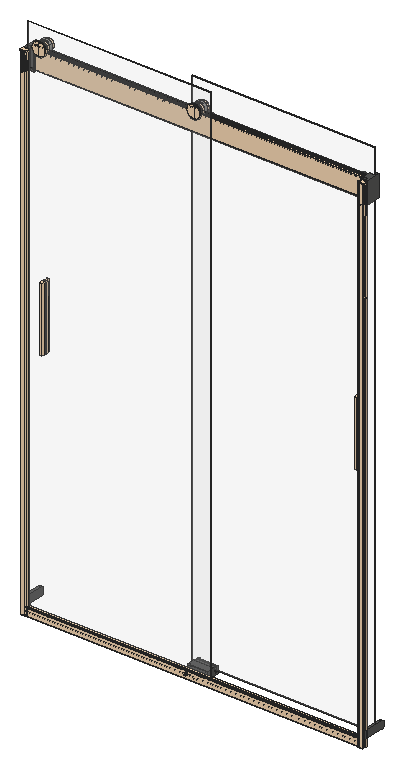
Revit family "Shower-Shower_Door-KOHLER-Levity-K-706010", category Specialty Equipment, host Face, Revit 2021
Family settings
  Host = Face
  Round Connector Dimension = Use Diameter
  Part Type = Normal
  OmniClass Number = 23.31.17.17
  OmniClass Title = Shower Enclosures
  Cut with Voids When Loaded = No
  Shared = No
  Room Calculation Point = No
Parameters (values of type "2MB-Vibrant Brushed Moderne Brass")
  Width [instance] = Walk Thru + 26 147/256"  # 47.63497"
  WaterSense Certified = 1 = 0  # no
  Walk Thru [instance] = 21.06075"
  URL = "https://www.us.kohler.com/us/"
  Type = 1
  Product Page URL = "https://www.us.kohler.com/us/catalog/productDetails.jsp?productId=706010-L"
  Product Name = "Levity\r\n"  # constant formula
  Product Documentation Link = "https://www.us.kohler.com/webassets/kpna/catalog/pdf/en/K-706010-L_spec_US-CA_Kohler_en.pdf"
  Model = if(Type = 1, "K-706010-L-2MB", if(Type = 2, "K-706010-L-ABV", if(Type = 3, "K-706010-L-ABZ", if(Type = 4, "K-706010-L-BL", if(Type = 5, "K-706010-L-NX", if(Type = 6, "K-706010-L-SHP", "NA"))))))  # "K-706010-L-2MB"
  Material = "Premium Metal Construction"  # constant formula
  Master Format 2014 Name = "Shower Doors"  # constant formula
  Master Format 2014 = "10 28 19.16"  # constant formula
  Manufacturer Address = "444 Highland Dr, Kohler, WI 53044"  # constant formula
  Manufacturer = "Kohler Co."  # constant formula
  Length = 3 63/128"  # constant formula
  Height = 73 145/256"  # constant formula
  Hardware Included [instance] = 1 = 1  # yes
  Finish = Kohler-Metal-2MB-Vibrant_Brushed_Moderne_Brass
  Environmental Product Declaration = ""
  Description = "Sliding Shower Door, 74 Inch H x 43-5/8  - 47-5/8 Inch W, With 1/4 Inch Thick Crystal Clear Glass And Blade Handles"  # constant formula
  Default Elevation = 4"
  Declare Label = ""
  Date Modified = "09/06/2022"  # constant formula
  Date Created = "09/06/2022"  # constant formula
  Copyright = "Copyright Kohler Co."  # constant formula
  Contact Us = "https://www.us.kohler.com/us/static/contact.jsp"
  Assembly Code = "C1030200"
  ADA Compliant = 1 = 0  # no
Reference planes (in)
  plane 1 "Center (Front/Back)": y = 0
  plane 2: z = 0
  plane 3 "Center (Left/Right)": x = 0
  plane 4: y = 1.74606
  plane 5: y = -1.74612
  plane 6: z = 73.56641
  plane 7: x = -23.576
  plane 8: x = 24.05897
  plane 9: x = 2.24039
  plane 10: x = 23.30114
  plane 11: x = 21.73997
  plane 12: x = 0.243
  plane 13: x = 0.23904
  plane 14: x = -1.76091
  plane 15: x = -21.257
  plane 16: x = -23.24125
  plane 17: x = 21.45585
  plane 18: z = 42.00787
  plane 19: z = 32.99213
  plane 20: z = 1.04089
  plane 21: z = 67.55313
  plane 22: z = 70.76057
  plane 23: z = 70.11218
Dimensions and locks (in)
  locked: plane 9 to plane 7 at 25.81639
  locked: plane 7 to plane 3 "Center (Left/Right)" at 23.576
  "Walk Thru": plane 10 to plane 9
  plane 10 to plane 8 = 97/128"
  "Width": plane 8 to plane 7
  locked: plane 11 to plane 8 at 2.319
  plane 14 to plane 13 to plane 11 = 1.99996" locked, 21.50092" locked
  locked: plane 17 to plane 11 at 0.28412
  plane 18 to plane 19 to level = 9.01575", 32.99213"
  "Height": plane 6 to level
  "Length": plane 5 to plane 4
  locked: plane 21 to plane 2 at 67.55313
  locked: plane 23 to plane 21 at 2.55906
  aligned and locked: plane 2 to host face
  aligned and locked: level to host face
  aligned and locked: plane 7 to nested 1
  aligned and locked: nested 1 to plane 8
  aligned and locked: nested 1 to plane 9
Automatic sketch dimensions
  host sketch curve to host sketch curve = 96"  (x2)
Nested families (in)
  nested 1: "K-706010" at (3.424, 0, 0), type "K-706010"
Definition of nested family "K-706010"
  Parameters (values of type "K-706010")
    Width = Walk Thru + 26.5748"  # 47.6378"
    Walk Thru = 21.06299"
    Material = none
    Default Elevation = 0"
  Reference planes (in)
    plane 1 "Center (Front/Back)": y = 0
    plane 2: z = 0
    plane 3 "Center (Left/Right)": x = 0
    plane 4: x = 20.6378
    plane 5: x = -27
    plane 6: y = -1.74606
    plane 7: y = 1.74606
    plane 8 "WT1": x = 19.87938
    plane 9 "WT2": x = -1.18361
    plane 10: z = 1.04089
    plane 11: x = 18.3188
    plane 12: x = 18.03468
    plane 13 "M": x = -3.18213
    plane 14: x = -24.681
    plane 15: x = -24.39704
    plane 16: x = -5.18208
    plane 17: x = -4.11996
    plane 18: x = -2.24421
    plane 19: z = 73.56537
    plane 20: z = 42.00787
    plane 21: x = -3.181
    plane 22 "Fixed": x = -3.424
    plane 23: x = 20.29681
    plane 24 "Fix": x = -4.79802
    plane 25: z = 32.99213
    plane 26: z = 70.93026
    plane 27: z = 70.76057
    plane 28: z = 68.62618
  Forms (in)
    Extrusion 1, solid
      sketch origin (0, 0, 0) x (1, 0, 0) y (0, 1, 0)
        loop
          line (20.26967, 0.95298) -> (-5.14807, 0.95298)
          arc (-5.14807, 0.95298) -> (-5.18208, 0.84148) -> (-5.14807, 0.72998) r 0.19978
          line (-5.14807, 0.72998) -> (20.26966, 0.72998)
          spline (20.26966, 0.72998) -> (20.27917, 0.74534) -> (20.2872, 0.76242) -> (20.29359, 0.78091) -> (20.29824, 0.80049) -> (20.30107, 0.8208) -> (20.30202, 0.84148) -> (20.30107, 0.86216) -> (20.29824, 0.88247) -> (20.29359, 0.90204) -> (20.2872, 0.92054) -> (20.27918, 0.93762) -> (20.26967, 0.95298)
      from 0.74948 to 73.56537
    Extrusion 2, solid
      sketch origin (0, 0, 0) x (1, 0, 0) y (0, 1, 0)
        loop
          line (-1.21673, -0.69887) -> (-26.64695, -0.69887)
          arc (-26.64695, -0.69887) -> (-26.66526, -0.81037) -> (-26.64695, -0.92187) r 0.34863
          line (-26.64695, -0.92187) -> (-1.21673, -0.92187)
          spline (-1.21673, -0.92187) -> (-1.207, -0.90657) -> (-1.19879, -0.88952) -> (-1.19224, -0.87103) -> (-1.18747, -0.85143) -> (-1.18458, -0.83109) -> (-1.18361, -0.81037) -> (-1.18458, -0.78965) -> (-1.18747, -0.76931) -> (-1.19224, -0.74972) -> (-1.19878, -0.73122) -> (-1.207, -0.71417) -> (-1.21673, -0.69887)
      from 0.74948 to 73.56537
    Extrusion 3, solid, material <- "Material", detail levels medium+fine
      sketch origin (0, 0, 0) x (-1, 0, 0) y (0, -1, 0)
        loop
          arc (-19.85329, 1.62703) -> (-19.88833, 1.71009) -> (-19.97228, 1.74295) r 0.11596
          line (-19.97228, 1.74295) -> (-20.57739, 1.72712) -> (-20.57739, 1.69617) -> (-20.45742, 1.67026) -> (-20.41287, 1.67143) -> (-20.28756, 1.68826) -> (-19.96651, 1.69664)
          arc (-19.96651, 1.69664) -> (-19.92544, 1.68057) -> (-19.90829, 1.63992) r 0.05674
          line (-19.90829, 1.63992) -> (-19.90829, 1.21054)
          arc (-19.90829, 1.21054) -> (-19.92495, 1.17106) -> (-19.96485, 1.15544) r 0.05512
          line (-19.96485, 1.15544) -> (-20.28756, 1.16387) -> (-20.41287, 1.1807) -> (-20.45742, 1.18186) -> (-20.56367, 1.15537) -> (-20.56367, 1.12464) -> (-19.96697, 1.10904)
          arc (-19.96697, 1.10904) -> (-19.88677, 1.14043) -> (-19.85329, 1.21978) r 0.11078
          line (-19.85329, 1.21978) -> (-19.85329, 1.62703)
      from 0.07489 to 70.22555
    Extrusion 4, solid
      sketch origin (0.09843, 0, 14.23466) x (-1, 0, 0) y (0, -1, 0)
        loop
          arc (-19.5496, 0.51672) -> (-19.55537, 0.53082) -> (-19.56937, 0.53684) r 0.02012
          line (-19.56937, 0.53684) -> (-20.1999, 0.54783)
          arc (-20.1999, 0.54783) -> (-20.2144, 0.55406) -> (-20.22037, 0.56866) r 0.02083
          line (-20.22037, 0.56866) -> (-20.22037, 1.04816)
          arc (-20.22037, 1.04816) -> (-20.22634, 1.06275) -> (-20.24082, 1.06898) r 0.02082
          line (-20.24082, 1.06898) -> (-20.51783, 1.07381)
          arc (-20.51783, 1.07381) -> (-20.53304, 1.06775) -> (-20.53937, 1.05265) r 0.02117
          line (-20.53937, 1.05265) -> (-20.53937, -0.97581) -> (-20.24243, -0.97063)
          arc (-20.24243, -0.97063) -> (-20.22681, -0.96392) -> (-20.22037, -0.94818) r 0.02246
          line (-20.22037, -0.94818) -> (-20.22037, -0.62063)
          arc (-20.22037, -0.62063) -> (-20.21429, -0.60578) -> (-20.19955, -0.59945) r 0.02119
          line (-20.19955, -0.59945) -> (-19.56957, -0.58847)
          arc (-19.56957, -0.58847) -> (-19.55543, -0.58239) -> (-19.5496, -0.56815) r 0.02032
          line (-19.5496, -0.56815) -> (-19.5496, 0.51672)
      from 53.08904 to 56.0869
    Extrusion 5, solid, material <- "Material", detail levels medium+fine
      sketch origin (0, 0, 14.23466) x (-1, 0, 0) y (0, -1, 0)
        loop
          line (-20.15981, 1.68606) -> (-20.29681, 1.68606) -> (-20.35981, 1.65506) -> (-20.42281, 1.68606) -> (-20.55981, 1.68606) -> (-20.62281, 1.65506) -> (-20.62281, 1.58987)
          arc (-20.62281, 1.58987) -> (-20.60281, 1.56987) -> (-20.58281, 1.58987) r 0.02
          line (-20.58281, 1.58987) -> (-20.58281, 1.63106) -> (-20.42281, 1.63106) -> (-20.42281, 1.22106) -> (-20.58281, 1.22106) -> (-20.58281, 1.26322)
          arc (-20.58281, 1.26322) -> (-20.60281, 1.28322) -> (-20.62281, 1.26322) r 0.02
          line (-20.62281, 1.26322) -> (-20.62281, 1.01606) -> (-20.55981, 1.01606) -> (-20.55981, 0.77919) -> (-20.62281, 0.77919) -> (-20.62281, 0.71919) -> (-20.55981, 0.71919) -> (-20.55981, -0.50181) -> (-20.62281, -0.50181) -> (-20.62281, -0.56181) -> (-20.55981, -0.56181) -> (-20.55981, -0.80481) -> (-20.62281, -0.80481) -> (-20.62281, -0.88981) -> (-20.47581, -0.88981) -> (-20.47581, 1.04606) -> (-20.50581, 1.07606) -> (-20.56281, 1.07606) -> (-20.56281, 1.16606) -> (-20.42281, 1.16606) -> (-20.35981, 1.19706) -> (-20.29681, 1.16606) -> (-20.15981, 1.16606) -> (-20.102, 1.19451)
          arc (-20.102, 1.19451) -> (-20.09454, 1.21024) -> (-20.10817, 1.22106) r 0.01399
          line (-20.10817, 1.22106) -> (-20.29681, 1.22106) -> (-20.29681, 1.63106) -> (-20.11192, 1.63106)
          arc (-20.11192, 1.63106) -> (-20.09744, 1.64256) -> (-20.10536, 1.65927) r 0.01487
          line (-20.10536, 1.65927) -> (-20.15981, 1.68606)
      from 53.36089 to 55.88689
    Extrusion 6, solid, material <- "Material", detail levels medium+fine
      sketch origin (0, 0, 14.23466) x (-1, 0, 0) y (0, -1, 0)
        loop
          arc (-20.60281, 1.30466) -> (-20.58906, 1.28573) -> (-20.56681, 1.29297) r 0.0199
          line (-20.56681, 1.29297) -> (-20.56681, 1.22506) -> (-20.44467, 1.22506)
          arc (-20.44467, 1.22506) -> (-20.42922, 1.23146) -> (-20.42281, 1.24692) r 0.02185
          line (-20.42281, 1.24692) -> (-20.42281, 1.60638)
          arc (-20.42281, 1.60638) -> (-20.42893, 1.62114) -> (-20.44368, 1.62725) r 0.02087
          line (-20.44368, 1.62725) -> (-20.56681, 1.62725) -> (-20.56681, 1.55638)
          arc (-20.56681, 1.55638) -> (-20.58906, 1.56362) -> (-20.60281, 1.54469) r 0.0199
          line (-20.60281, 1.54469) -> (-20.60281, 1.30466)
      from 51.88689 to 55.88689
    Extrusion 7, solid, material <- "Material", detail levels medium+fine
      sketch origin (0, 0, 0) x (-1, 0, 0) y (0, -1, 0)
        loop
          line (-20.55981, 1.16606) -> (-20.42281, 1.16606) -> (-20.35981, 1.19706) -> (-20.35981, 1.65506) -> (-20.42281, 1.68606) -> (-20.55981, 1.68606) -> (-20.61284, 1.65997)
          arc (-20.61284, 1.65997) -> (-20.62095, 1.64285) -> (-20.60611, 1.63106) r 0.01524
          line (-20.60611, 1.63106) -> (-20.42281, 1.63106) -> (-20.42281, 1.22106) -> (-20.60802, 1.22106)
          arc (-20.60802, 1.22106) -> (-20.62243, 1.20962) -> (-20.61455, 1.193) r 0.01479
          line (-20.61455, 1.193) -> (-20.55981, 1.16606)
      from 0.07489 to 55.88689
    Extrusion 8, solid, material <- "Material", detail levels medium+fine
      sketch origin (0, 0, 14.23466) x (-1, 0, 0) y (0, -1, 0)
        loop
          line (-19.84805, 1.21138) -> (-19.84805, 1.64144)
          arc (-19.84805, 1.64144) -> (-19.86265, 1.6919) -> (-19.90195, 1.72677) r 0.09449
          arc (-19.90195, 1.72677) -> (-19.94362, 1.74118) -> (-19.98743, 1.74606) r 0.19901
          line (-19.98743, 1.74606) -> (-20.6378, 1.74606) -> (-20.6378, 1.10606) -> (-19.98743, 1.10606)
          arc (-19.98743, 1.10606) -> (-19.94427, 1.1108) -> (-19.90316, 1.12479) r 0.19901
          arc (-19.90316, 1.12479) -> (-19.86299, 1.16006) -> (-19.84805, 1.21138) r 0.09559
      from 55.99089 to 56.07089
    Extrusion 9, solid
      sketch origin (20.6378, 52.13816, 48) x (0, 1, 0) y (0, 0, 1)
        loop
          line (-53.76172, -45.87087) -> (-53.76172, -46.94461) -> (-50.64303, -46.94461)
          arc (-50.64303, -46.94461) -> (-50.46643, -46.87152) -> (-50.39336, -46.69492) r 0.24952
          line (-50.39336, -46.69492) -> (-50.39336, -46.12056)
          arc (-50.39336, -46.12056) -> (-50.46643, -45.94396) -> (-50.64303, -45.87087) r 0.24952
          line (-50.64303, -45.87087) -> (-53.76172, -45.87087)
      from -0.34098 to 0
    Extrusion 10, solid, material <- "Material", detail levels medium+fine
      sketch origin (0, 0, 0) x (1, 0, 0) y (0, 1, 0)
        loop
          line (-26.21549, -1.62703) -> (-26.21549, -1.21978)
          arc (-26.21549, -1.21978) -> (-26.24897, -1.14043) -> (-26.32918, -1.10904) r 0.11078
          line (-26.32918, -1.10904) -> (-26.9251, -1.12464) -> (-26.9251, -1.15537) -> (-26.81886, -1.18186) -> (-26.7743, -1.1807) -> (-26.64899, -1.16387) -> (-26.32706, -1.15544)
          arc (-26.32706, -1.15544) -> (-26.28715, -1.17106) -> (-26.27049, -1.21054) r 0.05512
          line (-26.27049, -1.21054) -> (-26.27049, -1.63992)
          arc (-26.27049, -1.63992) -> (-26.28764, -1.68057) -> (-26.32872, -1.69664) r 0.05674
          line (-26.32872, -1.69664) -> (-26.64899, -1.68826) -> (-26.7743, -1.67143) -> (-26.81886, -1.67026) -> (-26.93883, -1.69617) -> (-26.93883, -1.72712) -> (-26.33449, -1.74295)
          arc (-26.33449, -1.74295) -> (-26.25054, -1.71009) -> (-26.21549, -1.62703) r 0.11596
      from 0.07489 to 70.22555
    Extrusion 11, solid
      sketch origin (0, 0, 14.23466) x (1, 0, 0) y (0, 1, 0)
        loop
          line (-25.99525, -0.51672) -> (-25.99525, 0.56815)
          arc (-25.99525, 0.56815) -> (-26.00108, 0.58239) -> (-26.01522, 0.58847) r 0.02032
          line (-26.01522, 0.58847) -> (-26.64444, 0.59945)
          arc (-26.64444, 0.59945) -> (-26.65918, 0.60578) -> (-26.66525, 0.62063) r 0.02119
          line (-26.66525, 0.62063) -> (-26.66525, 0.94818)
          arc (-26.66525, 0.94818) -> (-26.67169, 0.96392) -> (-26.68732, 0.97063) r 0.02246
          line (-26.68732, 0.97063) -> (-27, 0.97609) -> (-27, -1.05292)
          arc (-27, -1.05292) -> (-26.99367, -1.06802) -> (-26.97846, -1.07409) r 0.02117
          line (-26.97846, -1.07409) -> (-26.68571, -1.06898)
          arc (-26.68571, -1.06898) -> (-26.67122, -1.06275) -> (-26.66525, -1.04816) r 0.02082
          line (-26.66525, -1.04816) -> (-26.66525, -0.56866)
          arc (-26.66525, -0.56866) -> (-26.65928, -0.55406) -> (-26.64479, -0.54783) r 0.02083
          line (-26.64479, -0.54783) -> (-26.01502, -0.53684)
          arc (-26.01502, -0.53684) -> (-26.00102, -0.53082) -> (-25.99525, -0.51672) r 0.02012
      from 53.08904 to 56.0869
    Extrusion 12, solid, material <- "Material", detail levels medium+fine
      sketch origin (0, 0, 14.23466) x (1, 0, 0) y (0, 1, 0)
        loop
          line (-26.52125, -1.68606) -> (-26.46679, -1.65927)
          arc (-26.46679, -1.65927) -> (-26.45888, -1.64256) -> (-26.47336, -1.63106) r 0.01487
          line (-26.47336, -1.63106) -> (-26.65825, -1.63106) -> (-26.65825, -1.22106) -> (-26.46961, -1.22106)
          arc (-26.46961, -1.22106) -> (-26.45598, -1.21024) -> (-26.46343, -1.19451) r 0.01399
          line (-26.46343, -1.19451) -> (-26.52125, -1.16606) -> (-26.65825, -1.16606) -> (-26.72125, -1.19706) -> (-26.78425, -1.16606) -> (-26.92425, -1.16606) -> (-26.92425, -1.07606) -> (-26.86725, -1.07606) -> (-26.83725, -1.04606) -> (-26.83725, 0.88981) -> (-26.98425, 0.88981) -> (-26.98425, 0.80481) -> (-26.92125, 0.80481) -> (-26.92125, 0.56181) -> (-26.98425, 0.56181) -> (-26.98425, 0.50181) -> (-26.92125, 0.50181) -> (-26.92125, -0.71919) -> (-26.98425, -0.71919) -> (-26.98425, -0.77919) -> (-26.92125, -0.77919) -> (-26.92125, -1.01606) -> (-26.98425, -1.01606) -> (-26.98425, -1.26322)
          arc (-26.98425, -1.26322) -> (-26.96425, -1.28322) -> (-26.94425, -1.26322) r 0.02
          line (-26.94425, -1.26322) -> (-26.94425, -1.22106) -> (-26.78425, -1.22106) -> (-26.78425, -1.63106) -> (-26.94425, -1.63106) -> (-26.94425, -1.58987)
          arc (-26.94425, -1.58987) -> (-26.96425, -1.56987) -> (-26.98425, -1.58987) r 0.02
          line (-26.98425, -1.58987) -> (-26.98425, -1.65506) -> (-26.92125, -1.68606) -> (-26.78425, -1.68606) -> (-26.72125, -1.65506) -> (-26.65825, -1.68606) -> (-26.52125, -1.68606)
      from 53.36089 to 55.88689
    Extrusion 13, solid, material <- "Material", detail levels medium+fine
      sketch origin (0, 0, 14.23466) x (1, 0, 0) y (0, 1, 0)
        loop
          line (-26.96425, -1.30466) -> (-26.96425, -1.54469)
          arc (-26.96425, -1.54469) -> (-26.9505, -1.56362) -> (-26.92825, -1.55638) r 0.0199
          line (-26.92825, -1.55638) -> (-26.92825, -1.62725) -> (-26.80512, -1.62725)
          arc (-26.80512, -1.62725) -> (-26.79036, -1.62114) -> (-26.78425, -1.60638) r 0.02087
          line (-26.78425, -1.60638) -> (-26.78425, -1.24692)
          arc (-26.78425, -1.24692) -> (-26.79065, -1.23146) -> (-26.80611, -1.22506) r 0.02185
          line (-26.80611, -1.22506) -> (-26.92825, -1.22506) -> (-26.92825, -1.29297)
          arc (-26.92825, -1.29297) -> (-26.9505, -1.28573) -> (-26.96425, -1.30466) r 0.0199
      from 51.88689 to 55.88689
    Extrusion 14, solid, material <- "Material", detail levels medium+fine
      sketch origin (0, 0, 0) x (1, 0, 0) y (0, 1, 0)
        loop
          line (-26.92125, -1.16606) -> (-26.97599, -1.193)
          arc (-26.97599, -1.193) -> (-26.98387, -1.20962) -> (-26.96946, -1.22106) r 0.01479
          line (-26.96946, -1.22106) -> (-26.78425, -1.22106) -> (-26.78425, -1.63106) -> (-26.96755, -1.63106)
          arc (-26.96755, -1.63106) -> (-26.98239, -1.64285) -> (-26.97428, -1.65997) r 0.01524
          line (-26.97428, -1.65997) -> (-26.92125, -1.68606) -> (-26.78425, -1.68606) -> (-26.72125, -1.65506) -> (-26.72125, -1.19706) -> (-26.78425, -1.16606) -> (-26.92125, -1.16606)
      from 0.07489 to 55.88689
    Extrusion 15, solid, material <- "Material", detail levels medium+fine
      sketch origin (0, 0, 14.23466) x (1, 0, 0) y (0, 1, 0)
        loop
          arc (-26.21025, -1.21138) -> (-26.2252, -1.16006) -> (-26.26537, -1.12479) r 0.09559
          arc (-26.26537, -1.12479) -> (-26.30647, -1.1108) -> (-26.34964, -1.10606) r 0.19901
          line (-26.34964, -1.10606) -> (-27, -1.10606) -> (-27, -1.74606) -> (-26.34964, -1.74606)
          arc (-26.34964, -1.74606) -> (-26.30582, -1.74118) -> (-26.26415, -1.72677) r 0.19901
          arc (-26.26415, -1.72677) -> (-26.22486, -1.6919) -> (-26.21025, -1.64144) r 0.09449
          line (-26.21025, -1.64144) -> (-26.21025, -1.21138)
      from 55.99089 to 56.07089
    Extrusion 16, solid
      sketch origin (-27, 52.13816, 48) x (0, 1, 0) y (0, 0, -1)
        loop
          line (-53.76172, 45.87087) -> (-50.64303, 45.87087)
          arc (-50.64303, 45.87087) -> (-50.46643, 45.94396) -> (-50.39336, 46.12056) r 0.24952
          line (-50.39336, 46.12056) -> (-50.39336, 46.69492)
          arc (-50.39336, 46.69492) -> (-50.46643, 46.87152) -> (-50.64303, 46.94461) r 0.24952
          line (-50.64303, 46.94461) -> (-53.76172, 46.94461) -> (-53.76172, 45.87087)
      from -0.36 to 0
    Extrusion 17, solid, material <- "Material", detail levels medium+fine
      sketch origin (0, 0, 0) x (0, 1, 0) y (0, 0, 1)
        loop
          line (-1.63106, 0.99693) -> (-1.63106, 0.02064)
          arc (-1.63106, 0.02064) -> (-1.62502, 0.00604) -> (-1.61043, 0) r 0.02064
          line (-1.61043, 0) -> (-0.94006, 0) -> (-0.94006, 0.05028)
          arc (-0.94006, 0.05028) -> (-0.94727, 0.06768) -> (-0.96467, 0.07489) r 0.0246
          line (-0.96467, 0.07489) -> (-1.28763, 0.07489)
          arc (-1.28763, 0.07489) -> (-1.39329, 0.11865) -> (-1.43706, 0.22432) r 0.14943
          line (-1.43706, 0.22432) -> (-1.43706, 0.33347)
          arc (-1.43706, 0.33347) -> (-1.39635, 0.38221) -> (-1.34114, 0.35082) r 0.04953
          line (-1.34114, 0.35082) -> (-1.31727, 0.28699)
          arc (-1.31727, 0.28699) -> (-1.28514, 0.26819) -> (-1.26023, 0.29585) r 0.02947
          line (-1.26023, 0.29585) -> (-1.23123, 0.87748)
          arc (-1.23123, 0.87748) -> (-1.23719, 0.89272) -> (-1.25255, 0.89837) r 0.01995
          line (-1.25255, 0.89837) -> (-1.3771, 0.88967) -> (-1.41868, 0.9048)
          arc (-1.41868, 0.9048) -> (-1.44356, 0.94203) -> (-1.41553, 0.97696) r 0.03787
          line (-1.41553, 0.97696) -> (-1.3771, 0.98725) -> (-1.251, 0.97729)
          arc (-1.251, 0.97729) -> (-1.23553, 0.9832) -> (-1.23035, 0.99893) r 0.01928
          arc (-1.23035, 0.99893) -> (-1.24622, 1.0289) -> (-1.27794, 1.04089) r 0.04797
          line (-1.27794, 1.04089) -> (-1.58711, 1.04089)
          arc (-1.58711, 1.04089) -> (-1.61819, 1.02801) -> (-1.63106, 0.99693) r 0.04396
        loop
          line (-1.58106, 0.96929) -> (-1.58106, 0.14277) -> (-1.48706, 0.12279) -> (-1.48706, 0.33089)
          arc (-1.48706, 0.33089) -> (-1.43279, 0.41984) -> (-1.32887, 0.41227) r 0.10003
          arc (-1.32887, 0.41227) -> (-1.31279, 0.4109) -> (-1.30388, 0.42435) r 0.01581
          line (-1.30388, 0.42435) -> (-1.28314, 0.84038) -> (-1.40994, 0.8504)
          arc (-1.40994, 0.8504) -> (-1.47625, 0.88927) -> (-1.48681, 0.96541) r 0.08811
          arc (-1.48681, 0.96541) -> (-1.48958, 0.98287) -> (-1.50532, 0.99089) r 0.01947
          line (-1.50532, 0.99089) -> (-1.55947, 0.99089)
          arc (-1.55947, 0.99089) -> (-1.57474, 0.98456) -> (-1.58106, 0.96929) r 0.02159
      from -26.67955 to 20.29681
    Extrusion 18, solid, material <- "Material", detail levels medium+fine
      sketch origin (0, 0, 0) x (0, 1, 0) y (0, 0, 1)
        loop
          line (-1.26052, 0.91589) -> (-0.89206, 0.91589)
          arc (-0.89206, 0.91589) -> (-0.87206, 0.93588) -> (-0.89206, 0.95587) r 0.01999
          line (-0.89206, 0.95587) -> (-1.26052, 0.95587) -> (-1.25395, 0.98678)
          arc (-1.25395, 0.98678) -> (-1.26166, 0.99864) -> (-1.27352, 0.99093) r 0.01
          line (-1.27352, 0.99093) -> (-1.28097, 0.95587) -> (-1.33209, 0.95587) -> (-1.32563, 0.98624)
          arc (-1.32563, 0.98624) -> (-1.33333, 0.9981) -> (-1.34519, 0.9904) r 0.01
          line (-1.34519, 0.9904) -> (-1.35253, 0.95587)
          arc (-1.35253, 0.95587) -> (-1.37253, 0.93588) -> (-1.35253, 0.91589) r 0.01999
          line (-1.35253, 0.91589) -> (-1.34509, 0.88089)
          arc (-1.34509, 0.88089) -> (-1.33323, 0.87319) -> (-1.32553, 0.88505) r 0.01
          line (-1.32553, 0.88505) -> (-1.33209, 0.91589) -> (-1.28097, 0.91589) -> (-1.27351, 0.8808)
          arc (-1.27351, 0.8808) -> (-1.26165, 0.8731) -> (-1.25395, 0.88496) r 0.01
          line (-1.25395, 0.88496) -> (-1.26052, 0.91589)
      from -26.674 to 19.87938
    Extrusion 19, solid
      sketch origin (-3.424, 10.59331, 48) x (0, 1, 0) y (0, 0, 1)
        loop
          line (-9.23071, -48.00311) -> (-9.28526, -46.9623)
          arc (-9.28526, -46.9623) -> (-9.29351, -46.94441) -> (-9.3118, -46.93711) r 0.02658
          line (-9.3118, -46.93711) -> (-9.44195, -46.93711)
          arc (-9.44195, -46.93711) -> (-9.45632, -46.943) -> (-9.46246, -46.95727) r 0.02051
          line (-9.46246, -46.95727) -> (-9.47673, -47.77516)
          arc (-9.47673, -47.77516) -> (-9.50349, -47.83745) -> (-9.56624, -47.86311) r 0.08952
          line (-9.56624, -47.86311) -> (-9.75434, -47.86311)
          arc (-9.75434, -47.86311) -> (-9.81216, -47.84005) -> (-9.83822, -47.78352) r 0.08399
          line (-9.83822, -47.78352) -> (-9.88054, -46.97597)
          arc (-9.88054, -46.97597) -> (-9.88864, -46.95839) -> (-9.90662, -46.95122) r 0.02612
          line (-9.90662, -46.95122) -> (-10.98114, -46.95122)
          arc (-10.98114, -46.95122) -> (-10.99742, -46.95772) -> (-11.00476, -46.97363) r 0.02365
          line (-11.00476, -46.97363) -> (-11.04715, -47.7826)
          arc (-11.04715, -47.7826) -> (-11.07351, -47.83978) -> (-11.13199, -47.86311) r 0.08496
          line (-11.13199, -47.86311) -> (-11.32317, -47.86311)
          arc (-11.32317, -47.86311) -> (-11.38307, -47.83861) -> (-11.40862, -47.77915) r 0.08546
          line (-11.40862, -47.77915) -> (-11.41974, -47.14185)
          arc (-11.41974, -47.14185) -> (-11.42849, -47.1215) -> (-11.44898, -47.11311) r 0.02924
          line (-11.44898, -47.11311) -> (-11.79717, -47.11311)
          arc (-11.79717, -47.11311) -> (-11.81673, -47.12117) -> (-11.82495, -47.14065) r 0.02778
          line (-11.82495, -47.14065) -> (-11.82991, -47.70833)
          arc (-11.82991, -47.70833) -> (-11.85336, -47.73869) -> (-11.88892, -47.72429) r 0.03174
          line (-11.88892, -47.72429) -> (-11.9168, -47.67744)
          arc (-11.9168, -47.67744) -> (-11.95546, -47.66188) -> (-11.98071, -47.69502) r 0.03437
          line (-11.98071, -47.69502) -> (-11.98071, -47.72658)
          arc (-11.98071, -47.72658) -> (-11.94687, -47.80828) -> (-11.86518, -47.84211) r 0.11553
          line (-11.86518, -47.84211) -> (-11.54758, -47.84211)
          arc (-11.54758, -47.84211) -> (-11.52467, -47.8516) -> (-11.51518, -47.87452) r 0.0324
          line (-11.51518, -47.87452) -> (-11.51518, -47.90938)
          arc (-11.51518, -47.90938) -> (-11.50188, -47.94407) -> (-11.46881, -47.961) r 0.05192
          line (-11.46881, -47.961) -> (-11.07721, -48.00311) -> (-9.23071, -48.00311)
      from -1.37402 to 1.375
    Extrusion 20, solid, material <- "Material"
      sketch origin (0, 0, 16.49524) x (1, 0, 0) y (0, 1, 0)
        loop
          line (17.90239, 1.44298) -> (17.84731, 0.99439)
          arc (17.84731, 0.99439) -> (17.85195, 0.97942) -> (17.86625, 0.97298) r 0.01908
          line (17.86625, 0.97298) -> (18.20368, 0.97298)
          arc (18.20368, 0.97298) -> (18.21759, 0.97925) -> (18.22212, 0.99382) r 0.01857
          line (18.22212, 0.99382) -> (18.16652, 1.4466)
          arc (18.16652, 1.4466) -> (18.15661, 1.46544) -> (18.13671, 1.47298) r 0.03004
          line (18.13671, 1.47298) -> (17.9363, 1.47298)
          arc (17.9363, 1.47298) -> (17.91366, 1.4644) -> (17.90239, 1.44298) r 0.03417
      from 16.49689 to 25.51263
    Extrusion 21, solid, material <- "Material"
      sketch origin (0, 1.68307, 16.49524) x (1, 0, 0) y (0, 1, 0)
        loop
          arc (17.90239, -1.44298) -> (17.91366, -1.4644) -> (17.9363, -1.47298) r 0.03417
          line (17.9363, -1.47298) -> (18.13671, -1.47298)
          arc (18.13671, -1.47298) -> (18.15661, -1.46544) -> (18.16652, -1.4466) r 0.03004
          line (18.16652, -1.4466) -> (18.22212, -0.99382)
          arc (18.22212, -0.99382) -> (18.21759, -0.97925) -> (18.20368, -0.97298) r 0.01857
          line (18.20368, -0.97298) -> (17.86625, -0.97298)
          arc (17.86625, -0.97298) -> (17.85195, -0.97942) -> (17.84731, -0.99439) r 0.01908
          line (17.84731, -0.99439) -> (17.90239, -1.44298)
      from 16.49689 to 25.51263
    Extrusion 22, solid, material <- "Material"
      sketch origin (-0.25154, 0, 16.49524) x (1, 0, 0) y (0, 1, 0)
        loop
          line (-24.27962, -0.20887) -> (-24.3347, -0.65746)
          arc (-24.3347, -0.65746) -> (-24.33005, -0.67243) -> (-24.31575, -0.67887) r 0.01908
          line (-24.31575, -0.67887) -> (-23.97832, -0.67887)
          arc (-23.97832, -0.67887) -> (-23.96441, -0.6726) -> (-23.95988, -0.65803) r 0.01857
          line (-23.95988, -0.65803) -> (-24.01548, -0.20525)
          arc (-24.01548, -0.20525) -> (-24.02539, -0.18641) -> (-24.04529, -0.17887) r 0.03004
          line (-24.04529, -0.17887) -> (-24.2457, -0.17887)
          arc (-24.2457, -0.17887) -> (-24.26834, -0.18745) -> (-24.27962, -0.20887) r 0.03417
      from 16.49689 to 25.51263
    Extrusion 23, solid, material <- "Material"
      sketch origin (0, -1.62345, 16.49524) x (1, 0, 0) y (0, 1, 0)
        loop
          arc (-24.52962, 0.21158) -> (-24.51834, 0.19016) -> (-24.4957, 0.18158) r 0.03417
          line (-24.4957, 0.18158) -> (-24.29529, 0.18158)
          arc (-24.29529, 0.18158) -> (-24.27539, 0.18912) -> (-24.26548, 0.20796) r 0.03004
          line (-24.26548, 0.20796) -> (-24.20988, 0.66075)
          arc (-24.20988, 0.66075) -> (-24.21441, 0.67532) -> (-24.22832, 0.68158) r 0.01857
          line (-24.22832, 0.68158) -> (-24.56575, 0.68158)
          arc (-24.56575, 0.68158) -> (-24.58005, 0.67514) -> (-24.5847, 0.66017) r 0.01908
          line (-24.5847, 0.66017) -> (-24.52962, 0.21158)
      from 16.49689 to 25.51263
    Extrusion 24, solid, material <- "Material"
      sketch origin (-0.25154, 0, 16.49524) x (1, 0, 0) y (0, 1, 0)
        loop
          line (-24.33454, -0.94187) -> (-23.95954, -0.94187) -> (-23.95954, -0.91113) -> (-24.33454, -0.91113) -> (-24.33454, -0.94187)
        loop
          line (-24.33454, -0.67887) -> (-24.33454, -0.70961) -> (-23.95954, -0.70961) -> (-23.95954, -0.67887) -> (-24.33454, -0.67887)
      from 16.49689 to 25.51263
    Extrusion 25, solid, material <- "Material"
      sketch origin (0, 0, 16.49524) x (1, 0, 0) y (0, 1, 0)
        loop
          line (17.84747, 0.70998) -> (18.22246, 0.70998) -> (18.22246, 0.74072) -> (17.84747, 0.74072) -> (17.84747, 0.70998)
        loop
          line (17.84747, 0.97298) -> (17.84747, 0.94224) -> (18.22246, 0.94224) -> (18.22246, 0.97298) -> (17.84747, 0.97298)
      from 16.49689 to 25.51263
    Extrusion 26, solid, material <- "Material", detail levels medium+fine
      sketch origin (0, 0, 14.23466) x (0, 1, 0) y (0, 0, 1)
        loop
          line (0.48481, 55.19294) -> (0.48481, 55.84281)
          arc (0.48481, 55.84281) -> (0.47864, 55.85771) -> (0.46374, 55.86389) r 0.02107
          line (0.46374, 55.86389) -> (0.28787, 55.86389)
          arc (0.28787, 55.86389) -> (0.27369, 55.85801) -> (0.26781, 55.84383) r 0.02005
          line (0.26781, 55.84383) -> (0.26781, 55.78697)
          arc (0.26781, 55.78697) -> (0.27468, 55.77138) -> (0.29081, 55.7659) r 0.02116
          line (0.29081, 55.7659) -> (0.39043, 55.77461)
          arc (0.39043, 55.77461) -> (0.41385, 55.76666) -> (0.42381, 55.74403) r 0.0307
          line (0.42381, 55.74403) -> (0.42381, 55.47689) -> (0.06173, 55.47689)
          arc (0.06173, 55.47689) -> (0.04788, 55.48347) -> (0.04425, 55.49837) r 0.01785
          arc (0.04425, 55.49837) -> (0.03149, 55.55074) -> (-0.01719, 55.57389) r 0.06275
          line (-0.01719, 55.57389) -> (-0.13154, 55.57389) -> (-0.13154, 55.61127)
          arc (-0.13154, 55.61127) -> (-0.12564, 55.63151) -> (-0.1098, 55.64541) r 0.03767
          line (-0.1098, 55.64541) -> (0.01781, 55.70494) -> (0.01781, 55.75037)
          arc (0.01781, 55.75037) -> (0.00975, 55.76507) -> (-0.00698, 55.76616) r 0.01742
          line (-0.00698, 55.76616) -> (-0.18519, 55.68289) -> (-0.37008, 55.76893)
          arc (-0.37008, 55.76893) -> (-0.38255, 55.77984) -> (-0.38719, 55.79575) r 0.02959
          line (-0.38719, 55.79575) -> (-0.38719, 55.86389) -> (-0.45319, 55.86389) -> (-0.45319, 53.34094)
          arc (-0.45319, 53.34094) -> (-0.44644, 53.32464) -> (-0.43013, 53.31789) r 0.02305
          line (-0.43013, 53.31789) -> (0.4584, 53.31789)
          arc (0.4584, 53.31789) -> (0.47708, 53.32562) -> (0.48481, 53.3443) r 0.02642
          line (0.48481, 53.3443) -> (0.48481, 53.63896)
          arc (0.48481, 53.63896) -> (0.47321, 53.68028) -> (0.44181, 53.70953) r 0.0794
          arc (0.44181, 53.70953) -> (0.42637, 53.70898) -> (0.41881, 53.69551) r 0.01577
          line (0.41881, 53.69551) -> (0.41881, 53.66146)
          arc (0.41881, 53.66146) -> (0.41425, 53.64579) -> (0.40198, 53.63502) r 0.02919
          line (0.40198, 53.63502) -> (0.21681, 53.5485) -> (0.03914, 53.63118)
          arc (0.03914, 53.63118) -> (0.0234, 53.63014) -> (0.01581, 53.6163) r 0.0164
          line (0.01581, 53.6163) -> (0.01581, 53.56924) -> (0.18381, 53.49106) -> (0.18381, 53.41789) -> (-0.08762, 53.41789)
          arc (-0.08762, 53.41789) -> (-0.13257, 53.4365) -> (-0.15119, 53.48145) r 0.06357
          line (-0.15119, 53.48145) -> (-0.15119, 55.47389) -> (-0.05419, 55.47389) -> (-0.05419, 55.39755)
          arc (-0.05419, 55.39755) -> (-0.04814, 55.38294) -> (-0.03352, 55.37689) r 0.02066
          line (-0.03352, 55.37689) -> (0.41417, 55.37689)
          arc (0.41417, 55.37689) -> (0.42877, 55.37084) -> (0.43481, 55.35624) r 0.02064
          line (0.43481, 55.35624) -> (0.43481, 55.19294) -> (0.48481, 55.19294)
        loop
          arc (-0.34982, 55.67126) -> (-0.36559, 55.67022) -> (-0.37319, 55.65636) r 0.01643
          line (-0.37319, 55.65636) -> (-0.37319, 53.41784)
          arc (-0.37319, 53.41784) -> (-0.36734, 53.40373) -> (-0.35323, 53.39789) r 0.01996
          line (-0.35323, 53.39789) -> (-0.25172, 53.39789)
          arc (-0.25172, 53.39789) -> (-0.2372, 53.4039) -> (-0.23119, 53.41842) r 0.02054
          line (-0.23119, 53.41842) -> (-0.23119, 55.59798)
          arc (-0.23119, 55.59798) -> (-0.23563, 55.61322) -> (-0.24758, 55.62368) r 0.02835
          line (-0.24758, 55.62368) -> (-0.34982, 55.67126)
      from -26.674 to 20.29681
    Revolve 27, solid, material <- "Material"
      sketch origin (18.3188, 1.45298, 48) x (0, 1, 0) y (0, 0, 1)
        loop
          line (-0.207, 21.52333) -> (-0.207, 21.28943) -> (-0.5, 21.28566) -> (-0.5, 20.62618) -> (0, 20.62618) -> (0, 21.52333) -> (-0.04068, 21.56402) -> (-0.16632, 21.56402) -> (-0.207, 21.52333)
        axis (-0.5, 20.62618) -> (0, 20.62618)
      angle from 0 to 360
    Revolve 28, solid
      sketch origin (18.3188, 1.45298, 48) x (0, 1, 0) y (0, 0, 1)
        loop
          line (-1.04651, 20.62618) -> (-1.04651, 21.37151)
          arc (-1.04651, 21.37151) -> (-1.23522, 21.43933) -> (-1.42393, 21.37151) r 0.29645
          line (-1.42393, 21.37151) -> (-1.42393, 20.62618) -> (-1.04651, 20.62618)
        axis (-1.04651, 20.62618) -> (-1.42393, 20.62618)
      angle from 0 to 360
    Revolve 29, solid
      sketch origin (18.3188, 1.45298, 48) x (0, 1, 0) y (0, 0, 1)
        loop
          line (-0.923, 21.17655) -> (-1.11972, 21.16951) -> (-1.11972, 20.62618) -> (-0.923, 20.62618) -> (-0.923, 21.17655)
        axis (-0.923, 20.62618) -> (-1.11972, 20.62618)
      angle from 0 to 360
    Revolve 30, solid, material <- "Material"
      sketch origin (-3.18213, 1.45298, 48) x (0, 1, 0) y (0, 0, 1)
        loop
          line (-0.207, 21.52333) -> (-0.207, 21.28943) -> (-0.5, 21.28566) -> (-0.5, 20.62618) -> (0, 20.62618) -> (0, 21.52333) -> (-0.04068, 21.56402) -> (-0.16632, 21.56402) -> (-0.207, 21.52333)
        axis (-0.5, 20.62618) -> (0, 20.62618)
      angle from 0 to 360
    Revolve 31, solid
      sketch origin (-3.18213, 1.45298, 48) x (0, 1, 0) y (0, 0, 1)
        loop
          line (-1.04651, 20.62618) -> (-1.04651, 21.37151)
          arc (-1.04651, 21.37151) -> (-1.23522, 21.43933) -> (-1.42393, 21.37151) r 0.29645
          line (-1.42393, 21.37151) -> (-1.42393, 20.62618) -> (-1.04651, 20.62618)
        axis (-1.04651, 20.62618) -> (-1.42393, 20.62618)
      angle from 0 to 360
    Revolve 32, solid
      sketch origin (-3.18213, 1.45298, 48) x (0, 1, 0) y (0, 0, 1)
        loop
          line (-0.923, 21.17655) -> (-1.11972, 21.16951) -> (-1.11972, 20.62618) -> (-0.923, 20.62618) -> (-0.923, 21.17655)
        axis (-0.923, 20.62618) -> (-1.11972, 20.62618)
      angle from 0 to 360
    Revolve 33, solid, material <- "Material"
      sketch origin (-24.681, -1.42187, 48) x (0, -1, 0) y (0, 0, 1)
        loop
          line (-1.74767, 23.61268) -> (-1.74767, 22.93026) -> (-1.40177, 22.93026) -> (-1.40177, 23.00538) -> (-1.44067, 23.00538) -> (-1.44067, 23.65526) -> (-1.6856, 23.65526)
          arc (-1.6856, 23.65526) -> (-1.7036, 23.65168) -> (-1.71887, 23.64148) r 0.04705
          line (-1.71887, 23.64148) -> (-1.74767, 23.61268)
        axis (-1.40177, 22.93026) -> (-1.74767, 22.93026)
      angle from 0 to 360
    Revolve 34, solid
      sketch origin (-24.681, -1.42187, 62.23466) x (0, -1, 0) y (0, 0, 1)
        loop
          line (-1.42393, 8.6956) -> (-1.04876, 8.6956) -> (-1.04876, 9.44092)
          arc (-1.04876, 9.44092) -> (-1.23634, 9.50845) -> (-1.42393, 9.44092) r 0.29431
          line (-1.42393, 9.44092) -> (-1.42393, 8.6956)
        axis (-1.04876, 8.6956) -> (-1.42393, 8.6956)
      angle from 0 to 360
    Revolve 35, solid
      sketch origin (-24.681, -1.42187, 62.23466) x (0, -1, 0) y (0, 0, 1)
        loop
          line (-0.923, 9.24377) -> (-1.06891, 9.24134) -> (-1.06891, 8.6956) -> (-0.923, 8.6956) -> (-0.923, 9.24377)
        axis (-0.923, 8.6956) -> (-1.06891, 8.6956)
      angle from 0 to 360
    Revolve 36, solid, material <- "Material"
      sketch origin (-24.681, -1.42187, 62.23466) x (0, -1, 0) y (0, 0, 1)
        loop
          line (-0.207, 9.59274) -> (-0.207, 9.3556) -> (-0.5, 9.3556) -> (-0.5, 8.6956) -> (0, 8.6956) -> (0, 9.59274) -> (-0.04025, 9.63299) -> (-0.16675, 9.63299) -> (-0.207, 9.59274)
        axis (-0.5, 8.6956) -> (0, 8.6956)
      angle from 0 to 360
    Revolve 37, solid, material <- "Material"
      sketch origin (-3.181, 8.92621, 48) x (0, 1, 0) y (0, 0, 1)
        loop
          line (-8.60042, 23.44299) -> (-8.62922, 23.47179)
          arc (-8.62922, 23.47179) -> (-8.64448, 23.48199) -> (-8.66249, 23.48557) r 0.04705
          line (-8.66249, 23.48557) -> (-8.90742, 23.48557) -> (-8.90742, 22.83569) -> (-8.94631, 22.83569) -> (-8.94631, 22.76057) -> (-8.60042, 22.76057) -> (-8.60042, 23.44299)
        axis (-8.94631, 22.76057) -> (-8.60042, 22.76057)
      angle from 0 to 360
    Revolve 38, solid
      sketch origin (-3.181, 8.92621, 48) x (0, 1, 0) y (0, 0, 1)
        loop
          line (-8.92416, 22.76057) -> (-8.92416, 23.5059)
          arc (-8.92416, 23.5059) -> (-9.11174, 23.57343) -> (-9.29933, 23.5059) r 0.29431
          line (-9.29933, 23.5059) -> (-9.29933, 22.76057) -> (-8.92416, 22.76057)
        axis (-9.29933, 22.76057) -> (-8.92416, 22.76057)
      angle from 0 to 360
    Revolve 39, solid
      sketch origin (-3.181, 8.92621, 48) x (0, 1, 0) y (0, 0, 1)
        loop
          line (-9.42509, 23.30875) -> (-9.42509, 22.76057) -> (-9.27918, 22.76057) -> (-9.27918, 23.30632) -> (-9.42509, 23.30875)
        axis (-9.42509, 22.76057) -> (-9.27918, 22.76057)
      angle from 0 to 360
    Revolve 40, solid, material <- "Material"
      sketch origin (-3.181, 8.92621, 48) x (0, 1, 0) y (0, 0, 1)
        loop
          line (-10.14109, 23.65772) -> (-10.18133, 23.69797) -> (-10.30784, 23.69797) -> (-10.34809, 23.65772) -> (-10.34809, 22.76057) -> (-9.84809, 22.76057) -> (-9.84809, 23.42057) -> (-10.14109, 23.42057) -> (-10.14109, 23.65772)
        axis (-9.84809, 22.76057) -> (-10.34809, 22.76057)
      angle from 0 to 360
    Extrusion 41, solid, material <- "Material", detail levels coarse
      sketch origin (0, 0, 0) x (1, 0, 0) y (0, 1, 0)
        loop
          line (-27, -1.10606) -> (-27, -1.74606) -> (-26.17788, -1.74606) -> (-26.17788, -1.10606) -> (-27, -1.10606)
      from 0 to 70.32156
    Revolve 42, solid, material <- "Material"
      sketch origin (-24.681, -1.42187, 62.23466) x (0, -1, 0) y (0, 0, 1)
        loop
          line (-0.923, 9.40885) -> (-0.923, 8.6956) -> (-0.72617, 8.6956) -> (-0.72617, 9.41136) -> (-0.923, 9.40885)
        axis (-0.72617, 8.6956) -> (-0.923, 8.6956)
      angle from 0 to 360
    Revolve 43, solid, material <- "Material"
      sketch origin (-3.181, 8.92621, 48) x (0, 1, 0) y (0, 0, 1)
        loop
          line (-9.42509, 23.47383) -> (-9.62192, 23.47634) -> (-9.62192, 22.76057) -> (-9.42509, 22.76057) -> (-9.42509, 23.47383)
        axis (-9.62192, 22.76057) -> (-9.42509, 22.76057)
      angle from 0 to 360
    Revolve 44, solid, material <- "Material"
      sketch origin (-3.18213, 1.45298, 48) x (0, 1, 0) y (0, 0, 1)
        loop
          line (-0.923, 21.33944) -> (-0.923, 20.62618) -> (-0.72788, 20.62618) -> (-0.72788, 21.34141) -> (-0.923, 21.33944)
        axis (-0.72788, 20.62618) -> (-0.923, 20.62618)
      angle from 0 to 360
    Revolve 45, solid, material <- "Material"
      sketch origin (18.3188, 1.45298, 48) x (0, 1, 0) y (0, 0, 1)
        loop
          line (-0.923, 21.33944) -> (-0.923, 20.62618) -> (-0.72788, 20.62618) -> (-0.72788, 21.34141) -> (-0.923, 21.33944)
        axis (-0.72788, 20.62618) -> (-0.923, 20.62618)
      angle from 0 to 360
    Extrusion 46, solid, material <- "Material", detail levels coarse
      sketch origin (0, 0, 14.23466) x (0, 1, 0) y (0, 0, 1)
        loop
          line (0.48481, 55.19294) -> (0.48481, 55.84281)
          arc (0.48481, 55.84281) -> (0.47864, 55.85771) -> (0.46374, 55.86389) r 0.02107
          line (0.46374, 55.86389) -> (0.20217, 55.86389) -> (-0.18519, 55.68289) -> (-0.38719, 55.77689) -> (-0.38719, 55.86389) -> (-0.47779, 55.86389) -> (-0.47779, 53.31789) -> (0.4584, 53.31789)
          arc (0.4584, 53.31789) -> (0.47708, 53.32562) -> (0.48481, 53.3443) r 0.02642
          line (0.48481, 53.3443) -> (0.48481, 53.67373) -> (0.21681, 53.5485) -> (0.00351, 53.64776) -> (0.00351, 53.41789) -> (-0.15119, 53.41789) -> (-0.15119, 55.19294) -> (0.48481, 55.19294)
      from -26.674 to 20.29681
    Extrusion 47, solid, material <- "Material", detail levels coarse
      sketch origin (0, 0, 0) x (0, 1, 0) y (0, 0, 1)
        loop
          line (-1.63106, 1.04089) -> (-1.63106, 0) -> (-0.94006, 0) -> (-0.94006, 0.07489) -> (-1.22309, 0.07489) -> (-1.22309, 1.04089) -> (-1.63106, 1.04089)
      from -26.67955 to 20.29681
    Extrusion 48, solid, material <- "Material", detail levels coarse
      sketch origin (-0.00085, 0, 0) x (-1, 0, 0) y (0, -1, 0)
        loop
          line (-19.84099, 1.74638) -> (-20.63865, 1.74638) -> (-20.63865, 1.10575) -> (-19.84099, 1.10575) -> (-19.84099, 1.74638)
      from 0 to 70.32156
  Lines and regions (in)
    Masking region 1
      outline origin (0, 0, 0) x (1, 0, 0) y (0, 1, 0)
        loop
          line (19.03205, 0.52998) -> (19.03474, 0.72998) -> (20.26966, 0.72998)
          spline (20.26966, 0.72998) -> (20.27939, 0.74528) -> (20.28761, 0.76233) -> (20.29415, 0.78082) -> (20.29892, 0.80042) -> (20.30181, 0.82076) -> (20.30278, 0.84148) -> (20.30181, 0.8622) -> (20.29892, 0.88254) -> (20.29415, 0.90213) -> (20.28761, 0.92063) -> (20.27939, 0.93768) -> (20.26967, 0.95298)
          line (20.26967, 0.95298) -> (18.97843, 0.95298) -> (18.98204, 1.24598) -> (19.21594, 1.24598) -> (19.2566, 1.28663) -> (19.2566, 1.41233) -> (19.21594, 1.45298) -> (18.16502, 1.45298)
          arc (18.16502, 1.45298) -> (18.15404, 1.46748) -> (18.13671, 1.47298) r 0.03004
          line (18.13671, 1.47298) -> (17.9363, 1.47298)
          arc (17.9363, 1.47298) -> (17.91781, 1.46755) -> (17.90521, 1.45298) r 0.03417
          line (17.90521, 1.45298) -> (17.42165, 1.45298) -> (17.381, 1.41233) -> (17.381, 1.28663) -> (17.42165, 1.24598) -> (17.65555, 1.24598) -> (17.65916, 0.95298) -> (-2.52265, 0.95298) -> (-2.51888, 1.24598) -> (-2.28498, 1.24598) -> (-2.24421, 1.28675) -> (-2.24421, 1.41231) -> (-2.28488, 1.45298) -> (-4.07938, 1.45298) -> (-4.12005, 1.41231) -> (-4.12005, 1.28675) -> (-4.07928, 1.24598) -> (-3.84537, 1.24598) -> (-3.8416, 0.95298) -> (-5.14807, 0.95298)
          arc (-5.14807, 0.95298) -> (-5.18208, 0.84148) -> (-5.14807, 0.72998) r 0.19978
          line (-5.14807, 0.72998) -> (-3.89538, 0.72998) -> (-3.89538, 0.52998) -> (-3.73249, 0.52998) -> (-3.73093, 0.48481) -> (-2.63332, 0.48481) -> (-2.63176, 0.52998) -> (-2.46887, 0.52998) -> (-2.46887, 0.72998) -> (17.60285, 0.72998) -> (17.60554, 0.52998) -> (17.76889, 0.52998) -> (17.77002, 0.48481) -> (18.86757, 0.48481) -> (18.8687, 0.52998) -> (19.03205, 0.52998)
    Masking region 2
      outline origin (0, 0, 0) x (1, 0, 0) y (0, 0, 1)
        loop
          line (-26.66503, 73.56537) -> (-26.66503, 70.32156) -> (-27, 70.32156) -> (-27, 0.07489) -> (-26.68105, 0.07489) -> (-26.68105, 0) -> (20.29681, 0) -> (20.29681, 0.07489) -> (20.6378, 0.07489) -> (20.6378, 2.12913) -> (20.6378, 70.32156) -> (20.30278, 70.32156) -> (20.30278, 73.56537) -> (-26.66503, 73.56537)
    Masking region 3
      outline origin (-24.681, -1.42187, 48) x (0, -1, 0) y (0, 0, 1)
        loop
          line (-2.37485, 25.56537) -> (-2.37485, 22.3444) -> (-2.39768, 22.32156) -> (-2.39768, 21.28513) -> (-2.66785, 21.28943) -> (-2.66785, 21.52333) -> (-2.70853, 21.56402) -> (-2.83417, 21.56402) -> (-2.87485, 21.52333) -> (-2.87485, 19.72904) -> (-2.83417, 19.68835) -> (-2.70853, 19.68835) -> (-2.66785, 19.72904) -> (-2.66785, 19.96294) -> (-2.39768, 19.96724) -> (-2.39768, 19.3237) -> (-2.37485, 19.30087) -> (-2.37485, -5.99213) -> (-2.89485, -5.99213) -> (-2.89485, -15.00787) -> (-2.37485, -15.00787) -> (-2.37485, -45.87087) -> (-2.917, -45.87087)
          arc (-2.917, -45.87087) -> (-3.0936, -45.94396) -> (-3.16667, -46.12056) r 0.24952
          line (-3.16667, -46.12056) -> (-3.16667, -46.69492)
          arc (-3.16667, -46.69492) -> (-3.0936, -46.87152) -> (-2.917, -46.94461) r 0.24952
          line (-2.917, -46.94461) -> (-2.72899, -46.94461) -> (-2.7843, -48) -> (-0.5, -48) -> (-0.5, -47.87452)
          arc (-0.5, -47.87452) -> (-0.49051, -47.8516) -> (-0.4676, -47.84211) r 0.0324
          line (-0.4676, -47.84211) -> (-0.31298, -47.84211) -> (-0.31298, -47.92511) -> (-0.4572, -47.92511)
          arc (-0.4572, -47.92511) -> (-0.4746, -47.93232) -> (-0.48181, -47.94972) r 0.0246
          line (-0.48181, -47.94972) -> (-0.48181, -48) -> (0.18855, -48)
          arc (0.18855, -48) -> (0.20315, -47.99396) -> (0.20919, -47.97936) r 0.02064
          line (0.20919, -47.97936) -> (0.20919, -47.92511) -> (0.32135, -47.92511) -> (0.32135, 22.19309) -> (0.32419, 22.22555) -> (0.32419, 22.30555) -> (0, 22.30555) -> (0, 23.82741) -> (-0.04025, 23.86766) -> (-0.16675, 23.86766) -> (-0.207, 23.82741) -> (-0.207, 23.59026) -> (-0.5, 23.59026) -> (-0.5, 25.56537) -> (-0.723, 25.56537) -> (-0.723, 23.64606) -> (-0.923, 23.64351) -> (-0.923, 23.47874) -> (-1.04876, 23.47874) -> (-1.04876, 23.67559)
          arc (-1.04876, 23.67559) -> (-1.23634, 23.74345) -> (-1.42393, 23.67559) r 0.29317
          line (-1.42393, 23.67559) -> (-1.42393, 23.03438) -> (-1.44067, 23.00538) -> (-1.44067, 23.65526) -> (-1.68246, 23.65526)
          arc (-1.68246, 23.65526) -> (-1.70337, 23.6511) -> (-1.72108, 23.63926) r 0.05462
          line (-1.72108, 23.63926) -> (-1.74767, 23.61268) -> (-1.74767, 22.32156) -> (-2.15185, 22.32156) -> (-2.15185, 25.56537) -> (-2.37485, 25.56537)
        loop
          line (-1.44067, 22.68545) -> (-1.44067, 22.32156) -> (-1.42393, 22.35057) -> (-1.42393, 22.65645) -> (-1.44067, 22.68545)
        loop
          line (-2.15185, -5.99213) -> (-1.63196, -5.99213) -> (-1.63196, -15.00787) -> (-2.15185, -15.00787) -> (-2.15185, -45.87087) -> (-0.723, -45.87087) -> (-0.723, -15.00787) -> (-1.243, -15.00787) -> (-1.243, -5.99213) -> (-0.723, -5.99213) -> (-0.723, 19.3237) -> (-2.15185, 19.3237) -> (-2.15185, -5.99213)
        loop
          arc (-2.53845, -47.77516) -> (-2.51169, -47.83745) -> (-2.44894, -47.86311) r 0.08952
          line (-2.44894, -47.86311) -> (-2.26084, -47.86311)
          arc (-2.26084, -47.86311) -> (-2.20302, -47.84005) -> (-2.17696, -47.78352) r 0.08399
          line (-2.17696, -47.78352) -> (-2.14714, -47.21456)
          arc (-2.14714, -47.21456) -> (-2.26052, -47.25076) -> (-2.37485, -47.21771) r 0.20455
          line (-2.37485, -47.21771) -> (-2.37485, -46.94461) -> (-2.55294, -46.94461) -> (-2.53845, -47.77516)
        loop
          arc (-0.96802, -47.7826) -> (-0.94166, -47.83978) -> (-0.88318, -47.86311) r 0.08496
          line (-0.88318, -47.86311) -> (-0.69201, -47.86311)
          arc (-0.69201, -47.86311) -> (-0.63211, -47.83861) -> (-0.60656, -47.77915) r 0.08546
          line (-0.60656, -47.77915) -> (-0.59717, -47.2412)
          arc (-0.59717, -47.2412) -> (-0.66279, -47.23512) -> (-0.723, -47.20833) r 0.20288
          line (-0.723, -47.20833) -> (-0.723, -46.94461) -> (-1.03839, -46.94461)
          arc (-1.03839, -46.94461) -> (-1.01899, -46.9539) -> (-1.01042, -46.97363) r 0.03076
          line (-1.01042, -46.97363) -> (-1.00605, -47.0571) -> (-0.80544, -47.0571)
          arc (-0.80544, -47.0571) -> (-0.77394, -47.0886) -> (-0.80544, -47.1201) r 0.0315
          line (-0.80544, -47.1201) -> (-1.00274, -47.1201) -> (-0.96802, -47.7826)
        loop
          line (-0.5, -47.04413) -> (-0.3129, -47.04413) -> (-0.3129, -46.94461) -> (-0.5, -46.94461) -> (-0.5, -47.04413)
        loop
          line (-0.5, -45.87087) -> (-0.31287, -45.87087) -> (-0.31287, -15.00787) -> (-0.5, -15.00787) -> (-0.5, -45.87087)
        loop
          line (-0.5, -5.99213) -> (-0.31287, -5.99213) -> (-0.31287, 19.59555) -> (-0.34793, 19.59555) -> (-0.34793, 19.3237) -> (-0.5, 19.3237) -> (-0.5, -5.99213)
    Masking region 4
      outline origin (0, 0, 0) x (1, 0, 0) y (0, 1, 0)
        loop
          line (-4.79802, 0.48481) -> (-25.99525, 0.48481) -> (-25.99525, 0.56815)
          arc (-25.99525, 0.56815) -> (-26.00108, 0.58239) -> (-26.01522, 0.58847) r 0.02032
          line (-26.01522, 0.58847) -> (-26.64, 0.59937) -> (-26.64, 1.7448) -> (-27, 1.7448) -> (-27, -1.74606) -> (-26.34964, -1.74606)
          arc (-26.34964, -1.74606) -> (-26.30582, -1.74118) -> (-26.26415, -1.72677) r 0.19901
          arc (-26.26415, -1.72677) -> (-26.22224, -1.6875) -> (-26.21081, -1.6312) r 0.09449
          line (-26.21081, -1.6312) -> (19.8486, -1.6312)
          arc (19.8486, -1.6312) -> (19.86003, -1.6875) -> (19.90195, -1.72677) r 0.09449
          arc (19.90195, -1.72677) -> (19.94362, -1.74118) -> (19.98743, -1.74606) r 0.19901
          line (19.98743, -1.74606) -> (20.6378, -1.74606) -> (20.6378, 1.74606) -> (20.29681, 1.74606) -> (20.29681, 0.59943) -> (19.66799, 0.58847)
          arc (19.66799, 0.58847) -> (19.65385, 0.58239) -> (19.64803, 0.56815) r 0.02032
          line (19.64803, 0.56815) -> (19.64803, 0.48481) -> (18.86757, 0.48481) -> (18.8687, 0.52998) -> (19.03205, 0.52998) -> (19.03474, 0.72998) -> (17.60285, 0.72998) -> (17.60554, 0.52998) -> (17.76889, 0.52998) -> (17.77002, 0.48481) -> (-2.049, 0.48481) -> (-2.049, 1.3626) -> (-4.79802, 1.3626) -> (-4.79802, 0.48481)
        loop
          line (-25.39425, -0.49887) -> (-25.22917, -0.49887) -> (-25.22917, -0.45319) -> (-25.99525, -0.45319) -> (-25.99525, -0.51672)
          arc (-25.99525, -0.51672) -> (-26.00102, -0.53082) -> (-26.01502, -0.53684) r 0.02012
          line (-26.01502, -0.53684) -> (-26.64, -0.54775) -> (-26.64, -0.69887) -> (-25.39681, -0.69887) -> (-25.39425, -0.49887)
        loop
          line (-24.1307, -0.45319) -> (-24.1307, -0.49887) -> (-23.96775, -0.49887) -> (-23.96775, -0.69887) -> (-4.79802, -0.69887) -> (-4.79802, -0.45319) -> (-24.1307, -0.45319)
        loop
          line (-2.049, -0.69887) -> (-1.21673, -0.69887)
          spline (-1.21673, -0.69887) -> (-1.20926, -0.71023) -> (-1.20263, -0.72263) -> (-1.19691, -0.73593) -> (-1.19215, -0.75001) -> (-1.18841, -0.76471) -> (-1.18572, -0.77988) -> (-1.18412, -0.79536) -> (-1.18361, -0.811) -> (-1.18421, -0.82664) -> (-1.1859, -0.84211) -> (-1.18867, -0.85724) -> (-1.1925, -0.8719)
          line (-1.1925, -0.8719) -> (19.87938, -0.8719) -> (19.87938, -0.94006) -> (20.29681, -0.94006) -> (20.29681, -0.5478) -> (19.66779, -0.53684)
          arc (19.66779, -0.53684) -> (19.6538, -0.53082) -> (19.64803, -0.51672) r 0.02012
          line (19.64803, -0.51672) -> (19.64803, -0.45319) -> (-2.049, -0.45319) -> (-2.049, -0.69887)
        loop
          line (17.381, 1.41233) -> (17.381, 1.28663) -> (17.42165, 1.24598) -> (17.65555, 1.24598) -> (17.65916, 0.95298) -> (18.97843, 0.95298) -> (18.98204, 1.24598) -> (19.21594, 1.24598) -> (19.2566, 1.28663) -> (19.2566, 1.41233) -> (19.21594, 1.45298) -> (18.16502, 1.45298)
          arc (18.16502, 1.45298) -> (18.15404, 1.46748) -> (18.13671, 1.47298) r 0.03004
          line (18.13671, 1.47298) -> (17.9363, 1.47298)
          arc (17.9363, 1.47298) -> (17.91781, 1.46755) -> (17.90521, 1.45298) r 0.03417
          line (17.90521, 1.45298) -> (17.42165, 1.45298) -> (17.381, 1.41233)
    symbolic lines, detail levels medium+fine
      curve 1: line (-27, 0, 70.30555) -> (-26.21025, 0, 70.30555)
      curve 2: line (-26.64695, 0, 70.30555) -> (-26.64695, 0, 73.56537)
      curve 3: arc (-24.681, 0, 69.99286) -> (-25.6184, 0, 70.93026) -> (-24.681, 0, 71.86766) r 0.9374
      curve 4: arc (-24.681, 0, 71.86766) -> (-23.7436, 0, 70.93026) -> (-24.681, 0, 69.99286) r 0.9374
      curve 5: arc (-24.681, 0, 70.03311) -> (-23.78385, 0, 70.93026) -> (-24.681, 0, 71.82741) r 0.89715
      curve 6: arc (-24.681, 0, 71.82741) -> (-25.57815, 0, 70.93026) -> (-24.681, 0, 70.03311) r 0.89715
      curve 7: line (-26.21025, 0, 70.30555) -> (-26.21025, 0, 70.22555)
      curve 8: line (-26.21549, 0, 70.21011) -> (-26.21549, 0, 0.07489)
      curve 9: line (-26.21025, 0, 70.22555) -> (-26.21549, 0, 70.21011)
      curve 10: line (-27, 0, 70.22555) -> (-26.21025, 0, 70.22555)
      curve 11: line (-26.93883, 0, 70.22555) -> (-26.93883, 0, 0.07489)
      curve 12: line (-26.93883, 0, 70.12155) -> (-27, 0, 70.12155)
      curve 13: line (-26.21549, 0, 0.07489) -> (-26.67955, 0, 0.07489)
      curve 14: line (-26.21549, 0, 1.04089) -> (19.87938, 0, 1.04089)
      curve 15: line (19.87938, 0, 0.07489) -> (19.87938, 0, 70.22555)
      curve 16: line (20.57739, 0, 0.07489) -> (20.57739, 0, 70.22555)
      curve 17: line (19.87938, 0, 0.07489) -> (20.29681, 0, 0.07489)
      curve 18: line (19.63305, 0, 70.32156) -> (19.63305, 0, 67.3237)
      curve 19: line (19.63305, 0, 70.32156) -> (20.30278, 0, 70.32156)
      curve 20: line (19.84805, 0, 70.30555) -> (19.84805, 0, 70.22555)
      curve 21: line (19.84805, 0, 70.30555) -> (20.6378, 0, 70.30555)
      curve 22: line (19.84805, 0, 70.22555) -> (19.87938, 0, 69.97327)
      curve 23: line (19.84805, 0, 70.22555) -> (20.6378, 0, 70.22555)
      curve 24: line (20.57739, 0, 70.12155) -> (20.6378, 0, 70.12155)
      curve 25: arc (-3.181, 0, 69.82318) -> (-4.1184, 0, 70.76057) -> (-3.181, 0, 71.69797) r 0.9374
      curve 26: arc (-3.181, 0, 71.69797) -> (-2.2436, 0, 70.76057) -> (-3.181, 0, 69.82318) r 0.9374
      curve 27: arc (-3.181, 0, 71.65772) -> (-4.07815, 0, 70.76057) -> (-3.181, 0, 69.86342) r 0.89715
      curve 28: arc (-3.181, 0, 69.86342) -> (-2.28385, 0, 70.76057) -> (-3.181, 0, 71.65772) r 0.89715
      curve 29: line (-1.18361, 0, 73.56537) -> (-1.18361, 0, 1.04089)
      curve 30: line (-1.18361, 0, 70.09855) -> (19.63305, 0, 70.09855)
      curve 31: line (-1.18361, 0, 67.55313) -> (19.63305, 0, 67.55313)
      curve 32: line (19.63305, 0, 67.3237) -> (19.87938, 0, 67.3237)
      curve 33: line (-24.681, 1.4123, 67.68835) -> (-24.681, 1.4123, 69.56402)
      curve 34: line (-24.681, 1.28666, 67.68835) -> (-24.681, 1.28666, 69.56402)
      curve 35: line (-24.681, 1.24598, 69.28943) -> (-24.681, 1.24598, 67.96294)
      curve 36: line (-24.681, 0.97581, 69.28513) -> (-24.681, 0.97581, 67.96724)
      curve 37: line (-24.681, 0.72998, 70.32156) -> (-24.681, 0.97581, 70.32156)
      curve 38: line (-24.681, 0.3258, 70.32156) -> (-24.681, -1.07382, 70.32156)
      curve 39: line (-24.681, -1.10606, 70.30555) -> (-24.681, -1.21487, 70.30555)
      curve 40: line (-24.681, -1.10606, 70.30555) -> (-24.681, -1.10606, 70.12466)
      curve 41: line (-24.681, -1.07382, 70.32156) -> (-24.681, -1.07382, 70.12466)
      curve 42: line (-24.681, -1.10606, 70.30555) -> (-24.681, -1.42606, 70.30555)
